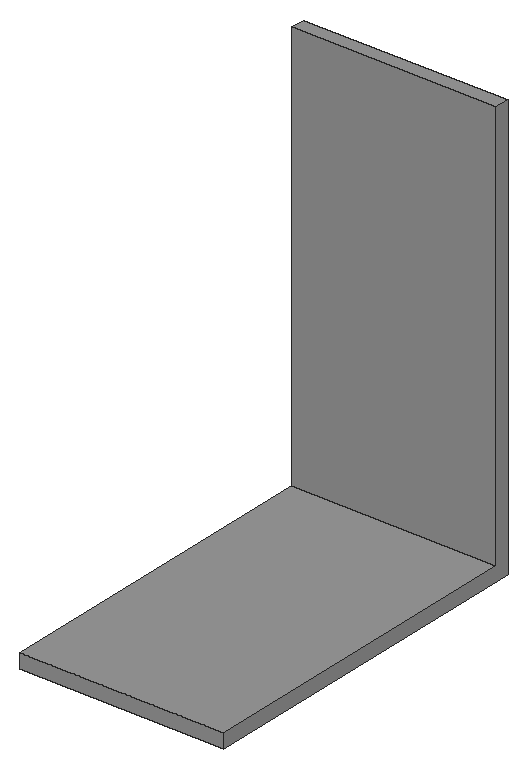
Revit family "NLRS_30_GM_FB_073152_GB", category Generic Models, host Face, Revit 2019
Family settings
  Host = Face
  Can host rebar = No
  Round Connector Dimension = Use Diameter
  Part Type = Normal
  Cut with Voids When Loaded = No
  Shared = Yes
  Room Calculation Point = No
Parameters (values of type "XL-Hoekanker 125x150 SV")
  YS4 = 137 mm
  YS3 = 105.5 mm
  YS2 = 110 mm
  YS1 = 90 mm
  YA4 = 133.5 mm
  YA3 = 59 mm
  YA2 = 79.7 mm
  YA1 = 38.5 mm
  XS4 = 24.5 mm
  XS3 = 17.5 mm
  XS2 = 17.5 mm
  XS1 = 17.5 mm
  XA4 = 24.5 mm
  XA2 = 0 mm
  X2A4 = 0 mm
  X2A2 = 0 mm
  Vis073152 [instance] = yes
  URL = "https://www.gb.nl/xl-hoek-125x150-72x5-sv"
  Type Image = 073152.jpg
  NLRS_C_omschrijving = Description  # "XL-Hoekanker 125x150"
  NLRS_C_materiaal_afwerking = "Sendzimir Verzinkt"
  NLRS_C_materiaal [instance] = DX51
  NLRS_C_lengte_01 [instance] = if(Change_placement, L, L1)  # 150 mm
  NLRS_C_lengte [instance] = if(Change_placement, L1, L)  # 125 mm
  NLRS_C_gtin_code = "8714318039219"
  NLRS_C_fabrikant_product_code = "073152"
  NLRS_C_dikte [instance] = D  # 5 mm
  NLRS_C_content_versie = "1.0"  # constant formula
  NLRS_C_content_provider = "Gebr. Bodegraven B.V."  # constant formula
  NLRS_C_content_datum gewijzigd = ""
  NLRS_C_content_creator = "Gebr. Bodegraven B.V."  # constant formula
  NLRS_C_breedte [instance] = B  # 72 mm
  NLRS_C_bestemming = "Element- en kozijnverbindingen"  # constant formula
  Model = "125x100"
  Manufacturer = "Gebr. Bodegraven B.V."  # constant formula
  L1 = 150 mm
  L = 125 mm
  IfcExportType = "USERDEFINED"  # constant formula
  IfcExportAs = "MechanicalFastnerType"  # constant formula
  IfcDescription = Description  # "XL-Hoekanker 125x150"
  I_03 Product Name = "XL-Hoekanker 125x150"
  I_01 Product Number = 73152
  GB_Y_Screw 4 = if(Change_placement, YS2, YS4)  # 137 mm
  GB_Y_Screw 3 = if(Change_placement, YS1, YS3)  # 105.5 mm
  GB_Y_Screw 2 = if(Change_placement, YS4, YS2)  # 110 mm
  GB_Y_Screw 1 = if(Change_placement, YS3, YS1)  # 90 mm
  GB_Y_Anchor 4 = if(Change_placement, YA2, YA4)  # 133.5 mm
  GB_Y_Anchor 3 = if(Change_placement, YA1, YA3)  # 59 mm
  GB_Y_Anchor 2 = if(Change_placement, YA4, YA2)  # 79.7 mm
  GB_Y_Anchor 1 = if(Change_placement, YA3, YA1)  # 38.5 mm
  GB_X_Screw 4 = if(Change_placement, XS2, XS4)  # 24.5 mm
  GB_X_Screw 3 = if(Change_placement, XS1, XS3)  # 17.5 mm
  GB_X_Screw 2 = if(Change_placement, XS4, XS2)  # 17.5 mm
  GB_X_Screw 1 = if(Change_placement, XS3, XS1)  # 17.5 mm
  GB_X_Anchor 4 = if(Change_placement, XA2, XA4)  # 24.5 mm
  GB_X_Anchor 2 = if(Change_placement, XA4, XA2)  # 0 mm
  GB_X2_Anchor 4 = if(Change_placement, X2A2, X2A4)  # 0 mm
  GB_X2_Anchor 2 = if(Change_placement, X2A4, X2A2)  # 0 mm
  GB_ID_Verpakkingseenheid = "30"
  GB_ID_Slobgaten = "2/30x13-1/60x13"
  GB_ID_Gatenpatroon = "12/7-12/9-1/13"
  Description = "XL-Hoekanker 125x150"
  Default_placement [instance] = not(Change_placement)  # yes
  Default Elevation = 1219.2 mm
  D = 5 mm
  Change_placement = no
  B = 72 mm
Reference planes
  plane 1 "Center (Front/Back)": y = 0
  plane 2: z = 0
  plane 3 "Center (Left/Right)": x = 0
  plane 4 "GB_Dikte_1": y = -5
  plane 5 "GB_Dikte_2": z = 5
  plane 6 "GB_Lengte_2": y = -125
  plane 7 "GB_Lengte_1": z = 150
  plane 8 "RefPlane": y = -2.5
  plane 9 "Ref.plane 2": z = 2.5
  plane 10 "GB_Y_Anchor 1": y = -38.5
  plane 11 "GB_Y_Anchor 2": y = -79.7
  plane 12 "GB_X_Screw 4": x = 24.5
  plane 13 "GB_X_Screw 3": x = -17.5
  plane 14 "GB_Y_Screw 4": z = 137
  plane 15 "GB_Y_Screw 3": z = 105.5
  plane 16 "GB_Y_Anchor 3": z = 59
  plane 17 "GB_X_Screw 2": x = -17.5
  plane 18 "GB_X_Screw 1": x = 17.5
  plane 19 "GB_Y_Screw 1": y = -90
  plane 20 "GB_Y_Screw 2": y = -110
  plane 21 "GB_Y_Anchor 4": z = 133.5
  plane 22: x = 0
  plane 23 "GB_X_Anchor 4": x = 24.5
  plane 24 "GB_X2_Anchor 4": x = 0
  plane 25 "GB_X_Anchor 2": x = 0
  plane 26 "GB_X2_Anchor 2": x = 0
Forms (mm)
  Extrusion 1, solid, material "DX51", detail levels fine
    sketch origin (0, -30, 0) x (0, 1, 0) y (0, 0, 1)
      loop
        line (-95, 0) -> (30, 0) -> (30, 150) -> (25, 150) -> (25, 5) -> (-95, 5) -> (-95, 0)
    from -36 to 36
Lines and regions (mm)
  model lines, detail levels coarse
    curve 1: line (0, -2.5, 150) -> (0, -2.5, 2.5)
    curve 2: line (0, -125, 2.5) -> (0, -2.5, 2.5)
  model lines, detail levels medium
    curve 3: line (-36, -2.5, 150) -> (36, -2.5, 150)
    curve 4: line (-36, -125, 2.5) -> (36, -125, 2.5)
    curve 5: line (36, -125, 2.5) -> (36, -2.5, 2.5)
    curve 6: line (36, -2.5, 2.5) -> (36, -2.5, 150)
    curve 7: line (-36, -2.5, 150) -> (-36, -2.5, 2.5)
    curve 8: line (-36, -2.5, 2.5) -> (-36, -125, 2.5)
    curve 9: line (36, -2.5, 2.5) -> (-36, -2.5, 2.5)
Dimensions and locks
  "NLRS_C_lengte_01": plane 7 "GB_Lengte_1" to host face
  "NLRS_C_lengte": plane 6 "GB_Lengte_2" to plane 1 "Center (Front/Back)"
  "NLRS_C_dikte": plane 4 "GB_Dikte_1" to plane 1 "Center (Front/Back)"
  "NLRS_C_dikte": plane 5 "GB_Dikte_2" to host face
  equal spacing: Extrusion 1, plane 3 "Center (Left/Right)", Extrusion 1
  "NLRS_C_breedte": Extrusion 1 to Extrusion 1
  equal spacing: plane 4 "GB_Dikte_1", plane 8 "RefPlane", plane 1 "Center (Front/Back)"
  equal spacing: plane 5 "GB_Dikte_2", plane 9 "Ref.plane 2", level
  "GB_Y_Anchor 1": plane 1 "Center (Front/Back)" to plane 10 "GB_Y_Anchor 1"
  "GB_Y_Anchor 2": plane 11 "GB_Y_Anchor 2" to plane 1 "Center (Front/Back)"
  "GB_X_Screw 3": plane 3 "Center (Left/Right)" to plane 13 "GB_X_Screw 3"
  "GB_X_Screw 4": plane 12 "GB_X_Screw 4" to plane 3 "Center (Left/Right)"
  "GB_Y_Screw 3": plane 15 "GB_Y_Screw 3" to host face
  "GB_Y_Screw 4": plane 14 "GB_Y_Screw 4" to host face
  "GB_Y_Anchor 3": plane 16 "GB_Y_Anchor 3" to host face
  "GB_Y_Screw 1": plane 19 "GB_Y_Screw 1" to plane 1 "Center (Front/Back)"
  "GB_Y_Screw 2": plane 20 "GB_Y_Screw 2" to plane 1 "Center (Front/Back)"
  "GB_X_Screw 2": plane 17 "GB_X_Screw 2" to plane 3 "Center (Left/Right)"
  "GB_X_Screw 1": plane 3 "Center (Left/Right)" to plane 18 "GB_X_Screw 1"
  "GB_Y_Anchor 4": plane 21 "GB_Y_Anchor 4" to host face
  "GB_X_Anchor 4": plane 23 "GB_X_Anchor 4" to plane 3 "Center (Left/Right)"
  "GB_X2_Anchor 4": plane 3 "Center (Left/Right)" to plane 24 "GB_X2_Anchor 4"
  "GB_X_Anchor 2": plane 25 "GB_X_Anchor 2" to plane 22
  "GB_X2_Anchor 2": plane 22 to plane 26 "GB_X2_Anchor 2"
  aligned and locked: plane 2 to host face
  aligned and locked: level to host face
  aligned and locked: plane 7 "GB_Lengte_1" to Extrusion 1
  aligned and locked: plane 6 "GB_Lengte_2" to Extrusion 1
  aligned and locked: plane 5 "GB_Dikte_2" to Extrusion 1
  aligned and locked: plane 4 "GB_Dikte_1" to Extrusion 1
  aligned and locked: curve 2 to plane 9 "Ref.plane 2"
  aligned and locked: Extrusion 1 to curve 2
  aligned and locked: curve 1 to plane 8 "RefPlane"
  aligned and locked: Extrusion 1 to curve 1
  aligned and locked: curve 3 to Extrusion 1  (x2)
  aligned and locked: curve 6 to curve 1
  aligned and locked: curve 5 to curve 2
  aligned and locked: Extrusion 1 to curve 5
  aligned and locked: curve 4 to curve 6
  aligned and locked: curve 4 to Extrusion 1
  aligned and locked: curve 8 to curve 2
  aligned and locked: curve 7 to Extrusion 1
  aligned and locked: curve 9 to curve 4
  aligned and locked: curve 9 to curve 6
  aligned and locked: curve 7 to curve 1
  aligned and locked: curve 7 to curve 9
  aligned and locked: Extrusion 1 to plane 1 "Center (Front/Back)"
  aligned and locked: Extrusion 1 to level
Automatic sketch dimensions
  host sketch curve to host sketch curve = 2438.4 mm  (x2)
  Extrusion 1 sketch curve to level = 0 mm
  plane 6 "GB_Lengte_2" to Extrusion 1 sketch curve = 0 mm
  plane 4 "GB_Dikte_1" to Extrusion 1 sketch curve = 0 mm
  plane 1 "Center (Front/Back)" to Extrusion 1 sketch curve = 0 mm
  plane 5 "GB_Dikte_2" to Extrusion 1 sketch curve = 0 mm
  plane 7 "GB_Lengte_1" to Extrusion 1 sketch curve = 0 mm
  plane 8 "RefPlane" to curve 3 = 0 mm
  curve 6 to Extrusion 1 = 0 mm
  curve 4 to plane 9 "Ref.plane 2" = 0 mm
  curve 8 to Extrusion 1 = 0 mm
  Extrusion 1 to curve 7 = 0 mm
  curve 9 to plane 9 "Ref.plane 2" = 0 mm
